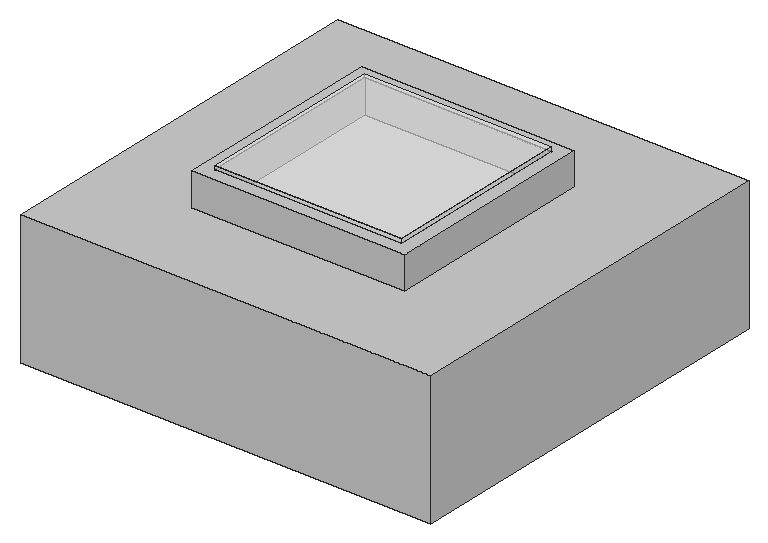
Revit family "Lighting-Recessed-Amerlux-E475SLD", category Lighting Fixtures, host Face, Revit 2014
Parameters (values of type "Trimless")
  Width = 10 1/16"
  Wattage = 9.2903 W
  built-in parameter 1150110 = 1 (stored number, unit not read)
  Voltage = 0 V
  URL = "http://www.amerlux.com/"
  Trim Size = 5 3/4"
  Trim [instance] = no
  built-in parameter 1114217 = 1 (stored number, unit not read)
  Tilt Angle = -90.00°
  built-in parameter 1150109 = 1 (stored number, unit not read)
  built-in parameter 1150134 = 3
  built-in parameter 1150113 = 1 (stored number, unit not read)
  Power Factor = 1
  Photometric Web File = "generic"
  Number of Poles = 1
  built-in parameter 1150142 = (empty or 0)
  Model Number = ""
  Model = "E475SLD"
  Manufacturer = "Amerlux"
  built-in parameter 1150105 = 109.82 (stored number, unit not read)
  Lumens = 1380 lm
  built-in parameter 1150115 = 1 (stored number, unit not read)
  built-in parameter 1150137 = (empty or 0)
  built-in parameter 1150139 = (empty or 0)
  Length = 14 1/2"
  built-in parameter 1150112 = 1 (stored number, unit not read)
  built-in parameter 1150114 = 1 (stored number, unit not read)
  Lamp = "LED"
  built-in parameter 1150132 = (empty or 0)
  built-in parameter 1150102 = (empty or 0)
  built-in parameter 1150107 = 3200 (stored number, unit not read)
  built-in parameter 1150138 = (empty or 0)
  built-in parameter 1150106 = 1.0982 (stored number, unit not read)
  Height = 4 3/16"
  Emit from Rectangle Width = Aperture Size  # 4 3/4"
  Emit from Rectangle Length = Aperture Size  # 4 3/4"
  Emit Shape Visible in Rendering = no
  built-in parameter 1150104 = 13.8 (stored number, unit not read)
  Dimming Lamp Color Temperature Shift = <None>
  Dimming = ""
  Description = "4.5\" Square Lens Downlight"
  Default Elevation = 48"
  Color Filter = 16777215
  built-in parameter 1114218 = 1 (stored number, unit not read)
  built-in parameter 1150133 = 10 (stored number, unit not read)
  Apparent Load = 0 VA
  Aperture Size = 4 3/4"
Types (3): name | Trim
  (no name) | no
  Trim | yes
  Trimless | no
Reference planes (in)
  plane 1 "Center (Front/Back)": y = 0
  plane 2: z = 0
  plane 3 "Center (Left/Right)": x = 0
  plane 4: x = -7.25
  plane 5: x = 7.25
  plane 6: z = -4.1875
  plane 7: y = 5.03125
  plane 8: y = -5.03125
Forms (in)
  Extrusion 1, solid, material "Housing"
    sketch origin (0, 0, 0) x (1, 0, 0) y (0, 1, 0)
      loop
        line (-5.16548, 5.03125) -> (-5.16548, -5.03125) -> (5.22568, -5.03125) -> (5.22568, 5.03125) -> (-5.16548, 5.03125)
    from -4.1875 to -0.8255
  Extrusion 2, void
    sketch origin (0, 0, 0) x (1, 0, 0) y (0, 1, 0)
      loop
        line (-2.375, 2.375) -> (-2.375, -2.375) -> (2.375, -2.375) -> (2.375, 2.375) -> (-2.375, 2.375)
    from -0.8255 to 0.08709
  Extrusion 3, solid, material "Trim Finish", visible <- "Trim"
    sketch origin (0, 0, 0) x (1, 0, 0) y (0, 1, 0)
      loop
        line (-2.375, 2.375) -> (-2.375, -2.375) -> (2.375, -2.375) -> (2.375, 2.375) -> (-2.375, 2.375)
      loop
        line (-2.875, 2.875) -> (-2.875, -2.875) -> (2.875, -2.875) -> (2.875, 2.875) -> (-2.875, 2.875)
    from 0 to 0.10768
  Extrusion 4, solid, material "Housing"
    sketch origin (0, 0, 0) x (1, 0, 0) y (0, 1, 0)
      loop
        line (-2.375, 2.375) -> (-2.375, -2.375) -> (2.375, -2.375) -> (2.375, 2.375) -> (-2.375, 2.375)
      loop
        line (-2.6875, 2.6875) -> (-2.6875, -2.6875) -> (2.6875, -2.6875) -> (2.6875, 2.6875) -> (-2.6875, 2.6875)
    from -0.8255 to 0
  Extrusion 5, solid, material "Lens"
    sketch origin (0, 0, 0) x (1, 0, 0) y (0, 1, 0)
      loop
        line (-2.375, 2.375) -> (-2.375, -2.375) -> (2.375, -2.375) -> (2.375, 2.375) -> (-2.375, 2.375)
    from 0 to 0.10768
Dimensions and locks (in)
  "Height": plane 6 to host face
  "Length": plane 4 to plane 5
  equal spacing: plane 7, plane 1 "Center (Front/Back)", plane 8
  equal spacing: plane 4, plane 3 "Center (Left/Right)", plane 5
  "Width": plane 7 to plane 8
  equal spacing: Extrusion 3 sketch curve, plane 1 "Center (Front/Back)", Extrusion 3 sketch curve  (x2)
  equal spacing: Extrusion 3 sketch curve, plane 3 "Center (Left/Right)", Extrusion 3 sketch curve  (x2)
  "Aperture Size": Extrusion 3 sketch curve to Extrusion 3 sketch curve  (x2)
  "Trim Size": Extrusion 3 sketch curve to Extrusion 3 sketch curve  (x2)
  locked: Extrusion 3 to Extrusion 4 sketch curve at 0.3125  (x3)
  locked: Extrusion 4 sketch curve to Extrusion 3 at 0.3125
  equal spacing: Extrusion 3, plane 3 "Center (Left/Right)", Extrusion 3
  "Aperture Size": Extrusion 4 sketch curve to Extrusion 4 sketch curve  (x2)
  equal spacing: Extrusion 3, plane 1 "Center (Front/Back)", Extrusion 3
  aligned and locked: plane 2 to host face
  aligned and locked: level to host face
  aligned and locked: Extrusion 1 to plane 6
  aligned and locked: Extrusion 1 to plane 8
  aligned and locked: plane 7 to Extrusion 1
  aligned and locked: Extrusion 4 sketch curve to Extrusion 3  (x2)
  aligned and locked: Extrusion 4 to Extrusion 1
  aligned and locked: level to Extrusion 4
  aligned and locked: Extrusion 2 sketch curve to Extrusion 3  (x4)
  aligned and locked: Extrusion 5 sketch curve to Extrusion 3  (x3)
Automatic sketch dimensions
  host sketch curve to host sketch curve = 54.51167"
  host sketch curve to host sketch curve = 52.40009"
  plane 4 to Extrusion 1 sketch curve = 2.08452"
  Extrusion 1 sketch curve to plane 5 = 2.02432"
  Extrusion 1 sketch curve to plane 8 = 0"
  Extrusion 1 sketch curve to plane 7 = 0"
  plane 3 "Center (Left/Right)" to Extrusion 5 sketch curve = 2 3/8"
Connectors (in)
  electrical at (0.0301, 0, -4.1875), driven by "Number of Poles", driven by "Voltage", driven by "Apparent Load", driven by "Power Factor"
    settings: on Extrusion 1, index 1, voltage 0 V, apparent load 0 VA, apparent load phase1 0 VA, apparent load phase2 0 VA, apparent load phase3 0 VA, power factor 1, load classification "Other", number of poles 1, system type 31, power factor state 1, is connector primary yes, connector utility no, sub classification motor no, connector description "Power"
